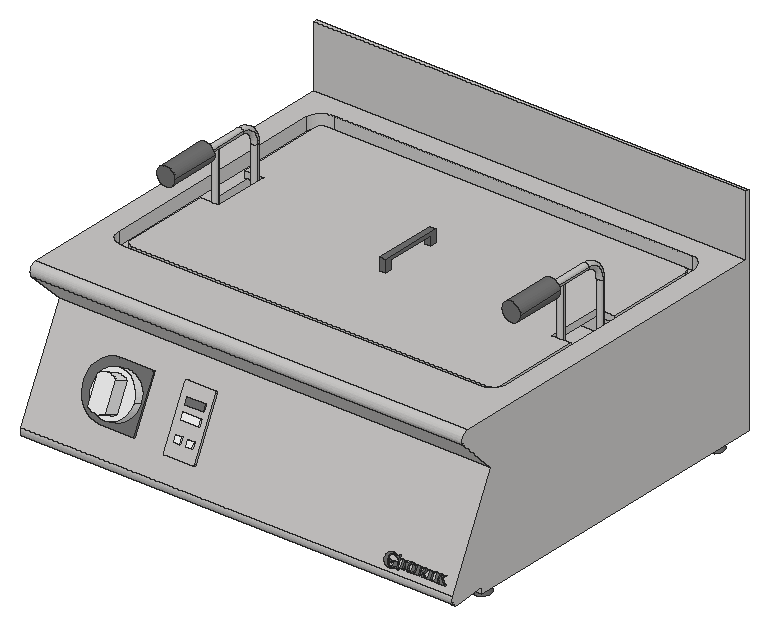
Revit family "QF_GIORIK_PFE1813", category Specialty Equipment, Revit 2014
Parameters (values of type "PFE1813")
  Weight in Pounds = 68.3432
  Watts = 6800 W
  Volts = 230 V
  URL Cutsheet = "www.giorik.com"
  URL = "www.giorik.com"
  Status [instance] = ""
  Specification by User [instance] = ""
  Specification by Manufacturer = ""
  Show Logo [instance] = yes
  Show Clearance [instance] = yes
  Serial Number = ""
  Seismic Rating = ""
  SMACNA No = ""
  Revision Code [instance] = ""
  Phase = 3
  Number of Poles [instance] = 3
  NAFEM Spec ID Number = ""
  Model = "PFE1813"
  Min Ckt Ampacity = 0 A
  Max Overcurrent Protection = 0 A
  Masterspec = ""
  Manufacturer = "GIORIK"
  Item Number [instance] = ""
  Installed By [instance] = ""
  Identify Quantity as Lot [instance] = no
  HP = "9.118936000000"
  Furnished By [instance] = ""
  Foodservice Equipment Identifier [instance] = yes
  FL Amps = 0 A
  Electrical Remarks [instance] = ""
  Electric Connection Type [instance] = ""
  Elec Conn RI Height [instance] = 0 mm
  Elec Conn Connection Height [instance] = 0 mm
  Description = "COUNTER FRYER 21 LT"
  Cycle = 50 Hz
  Conn Plug = ""
  CSI MasterFormat = ""
  Assembly Code = "E1090320"
  Apparent Power = 6800 VA
Reference planes
  plane 1 "Back": y = 0
  plane 2: z = 0
  plane 3 "Left": x = 0
  plane 4 "Right": x = 700
  plane 5 "Front": y = -600
  plane 6 "Top": z = 269.988
Forms (mm)
  Extrusion 1, solid, visible <- "Show Logo"
    sketch origin (491.604, -616.761, 9.486) x (-1, 0, 0) y (0, 0.452718, 0.891654)
      loop
        line (-118.824, 58.358) -> (-127.804, 58.358) -> (-125.523, 56.445) -> (-125.523, 48.027) -> (-127.804, 46.113) -> (-118.824, 46.113) -> (-121.105, 48.027) -> (-121.105, 56.445) -> (-118.824, 58.358)
      loop
        line (-163.721, 58.358) -> (-172.7, 58.358) -> (-170.42, 56.445) -> (-170.42, 48.027) -> (-172.7, 46.113) -> (-163.721, 46.113) -> (-166.001, 48.027) -> (-166.001, 56.445) -> (-163.721, 58.358)
      loop
        line (-174.332, 58.358) -> (-183.312, 58.358) -> (-181.031, 56.445) -> (-181.031, 52.435) -> (-186.419, 56.955) -> (-184.416, 58.358) -> (-191.268, 58.358) -> (-188.01, 56.839) -> (-185.455, 54.283) -> (-190.846, 47.858) -> (-193.396, 46.93) -> (-193.396, 46.113) -> (-184.416, 46.113) -> (-185.437, 47.571) -> (-182.443, 51.552) -> (-181.031, 50.894) -> (-181.031, 48.027) -> (-183.312, 46.113) -> (-174.332, 46.113) -> (-176.613, 48.027) -> (-176.613, 56.445) -> (-174.332, 58.358)
      loop
        line (-115.429, 62.063) -> (-115.429, 54.198)
        arc (-115.429, 54.198) -> (-111.618, 57.803) -> (-106.847, 59.986) r 16.039
        arc (-106.847, 59.986) -> (-103.314, 59.837) -> (-100.512, 57.68) r 5.851
        arc (-100.512, 57.68) -> (-98.815, 52.267) -> (-100.512, 46.853) r 9.479
        arc (-100.512, 46.853) -> (-102.406, 44.986) -> (-104.846, 43.93) r 7.236
        arc (-104.846, 43.93) -> (-107.728, 44.111) -> (-110.052, 45.825) r 5.11
        line (-110.052, 45.825) -> (-110.052, 52.001) -> (-116.141, 52.001) -> (-116.141, 45.503) -> (-117.893, 43.751) -> (-114.094, 44.769)
        arc (-114.094, 44.769) -> (-112.56, 44.947) -> (-111.129, 44.366) r 3.115
        arc (-111.129, 44.366) -> (-104.216, 42.091) -> (-97.303, 44.366) r 11.641
        arc (-97.303, 44.366) -> (-93.396, 52.107) -> (-97.303, 59.849) r 9.622
        arc (-97.303, 59.849) -> (-104.369, 62.174) -> (-111.435, 59.849) r 11.898
        line (-111.435, 59.849) -> (-115.429, 62.063)
      loop
        arc (-129.234, 56.068) -> (-135.893, 58.628) -> (-142.552, 56.068) r 9.941
        arc (-142.552, 56.068) -> (-144.234, 52.286) -> (-142.552, 48.505) r 5.093
        arc (-142.552, 48.505) -> (-135.893, 45.945) -> (-129.234, 48.505) r 9.941
        arc (-129.234, 48.505) -> (-127.552, 52.286) -> (-129.234, 56.068) r 5.093
      loop
        arc (-132.628, 54.403) -> (-135.893, 57.668) -> (-139.158, 54.403) r 3.265
        line (-139.158, 54.403) -> (-139.158, 50.169)
        arc (-139.158, 50.169) -> (-135.893, 46.904) -> (-132.628, 50.169) r 3.265
        line (-132.628, 50.169) -> (-132.628, 54.403)
      loop
        arc (-156.363, 58.365) -> (-159.647, 55.081) -> (-156.363, 51.796) r 3.285
        line (-156.363, 51.796) -> (-159.529, 47.306) -> (-162.087, 46.113) -> (-155.847, 46.113) -> (-153.529, 51.083) -> (-150.637, 51.083) -> (-150.637, 47.784) -> (-153.022, 46.113) -> (-144.011, 46.113) -> (-146.094, 47.68) -> (-146.094, 56.493) -> (-144.229, 58.365) -> (-156.363, 58.365)
      loop
        line (-150.637, 57.512) -> (-153.637, 57.512)
        arc (-153.637, 57.512) -> (-156.237, 54.912) -> (-153.637, 52.312) r 2.6
        line (-153.637, 52.312) -> (-150.637, 52.312) -> (-150.637, 57.512)
      loop
        line (-108.924, 52.001) -> (-104.936, 49.005) -> (-100.948, 52.001) -> (-108.924, 52.001)
    from 1.5 to -0.5
  Extrusion 2, solid
    sketch origin (0, 1120, -620) x (0, 1, 0) y (0, 0, 1)
      loop
        line (-1120, 989.988) -> (-1125, 989.988) -> (-1125, 889.988) -> (-1688.806, 889.988)
        arc (-1688.806, 889.988) -> (-1699.151, 883.075) -> (-1696.724, 870.873) r 11.197
        line (-1696.724, 870.873) -> (-1640.876, 815.025) -> (-1718.948, 661.258)
        arc (-1718.948, 661.258) -> (-1718.233, 650.105) -> (-1708.118, 645.354) r 10.981
        line (-1708.118, 645.354) -> (-1660, 649.925) -> (-1660, 640) -> (-1120, 640) -> (-1120, 989.988)
    from 0 to 700
  Extrusion 3, solid
    sketch origin (-293.221, -843.345, -547.637) x (1, 0, 0) y (0, 0.452718, 0.891654)
      loop
        line (463.221, 676.25) -> (463.221, 766.25) -> (409.698, 766.25)
        arc (409.698, 766.25) -> (364.698, 721.25) -> (409.698, 676.25) r 45
        line (409.698, 676.25) -> (463.221, 676.25)
    from 48 to 50
  Extrusion 4, solid
    sketch origin (481.331, -888.697, -525.041) x (-1, 0, 0) y (0, -0.45351, -0.891251)
      loop
        circle (351.331, -721.346) r 35
    from 0 to 15
  Extrusion 5, solid
    sketch origin (481.331, -888.697, -525.041) x (-1, 0, 0) y (0, -0.45351, -0.891251)
      loop
        arc (336.331, -743.846) -> (351.331, -748.846) -> (366.331, -743.846) r 25
        line (366.331, -743.846) -> (366.331, -698.846)
        arc (366.331, -698.846) -> (351.331, -693.846) -> (336.331, -698.846) r 25
        line (336.331, -698.846) -> (336.331, -743.846)
    from 15 to 40
  Extrusion 6, void
    sketch origin (0, 120, 219.988) x (0, 1, 0) y (-1, 0, 0)
      loop
        arc (-160, -60) -> (-167.322, -42.322) -> (-185, -35) r 25
        line (-185, -35) -> (-565.002, -35)
        arc (-565.002, -35) -> (-582.68, -42.322) -> (-590.002, -60) r 25
        line (-590.002, -60) -> (-590.002, -640)
        arc (-590.002, -640) -> (-582.68, -657.678) -> (-565.002, -665) r 25
        line (-565.002, -665) -> (-185, -665)
        arc (-185, -665) -> (-167.322, -657.678) -> (-160, -640) r 25
        line (-160, -640) -> (-160, -60)
    from -100 to 50
  Extrusion 7, solid
    sketch origin (0, 120, 300) x (0, 1, 0) y (-1, 0, 0)
      loop
        arc (-160, -60) -> (-167.322, -42.322) -> (-185, -35) r 25
        line (-185, -35) -> (-565.002, -35)
        arc (-565.002, -35) -> (-582.68, -42.322) -> (-590.002, -60) r 25
        line (-590.002, -60) -> (-590.002, -640)
        arc (-590.002, -640) -> (-582.68, -657.678) -> (-565.002, -665) r 25
        line (-565.002, -665) -> (-185, -665)
        arc (-185, -665) -> (-167.322, -657.678) -> (-160, -640) r 25
        line (-160, -640) -> (-160, -60)
      loop
        arc (-180, -64.989) -> (-182.929, -57.918) -> (-190, -54.989) r 10
        line (-190, -54.989) -> (-555.002, -54.989)
        arc (-555.002, -54.989) -> (-562.073, -57.918) -> (-565.002, -64.989) r 10
        line (-565.002, -64.989) -> (-565.002, -635)
        arc (-565.002, -635) -> (-562.073, -642.071) -> (-555.002, -645) r 10
        line (-555.002, -645) -> (-190, -645)
        arc (-190, -645) -> (-182.929, -642.071) -> (-180, -635) r 10
        line (-180, -635) -> (-180, -64.989)
    from -180.012 to -50
  Extrusion 8, solid
    sketch origin (-305.187, -917.248, -584.889) x (1, 0, 0) y (0, 0.453086, 0.891467)
      loop
        arc (527.687, 837.056) -> (525.919, 836.323) -> (525.187, 834.556) r 2.5
        line (525.187, 834.556) -> (525.187, 739.556)
        arc (525.187, 739.556) -> (525.919, 737.788) -> (527.687, 737.056) r 2.5
        line (527.687, 737.056) -> (572.687, 737.056)
        arc (572.687, 737.056) -> (574.454, 737.788) -> (575.187, 739.556) r 2.5
        line (575.187, 739.556) -> (575.187, 834.556)
        arc (575.187, 834.556) -> (574.454, 836.323) -> (572.687, 837.056) r 2.5
        line (572.687, 837.056) -> (527.687, 837.056)
    from 0 to 2
  Extrusion 9, solid
    sketch origin (-303.229, -911.046, -572.686) x (1, 0, 0) y (0, 0.453086, 0.891467)
      loop
        line (533.229, 803.367) -> (533.229, 793.367) -> (563.229, 793.367) -> (563.229, 803.367) -> (533.229, 803.367)
    from 0 to 3
  Extrusion 10, solid
    sketch origin (-303.229, -913.311, -577.143) x (1, 0, 0) y (0, 0.453086, 0.891467)
      loop
        line (533.229, 758.367) -> (533.229, 748.367) -> (543.229, 748.367) -> (543.229, 758.367) -> (533.229, 758.367)
    from 0 to 3
  Extrusion 11, solid
    sketch origin (-303.229, -920.107, -590.515) x (1, 0, 0) y (0, 0.453086, 0.891467)
      loop
        line (533.229, 803.367) -> (533.229, 793.367) -> (563.229, 793.367) -> (563.229, 803.367) -> (533.229, 803.367)
    from 0 to 3
  Extrusion 12, solid
    sketch origin (-283.229, -913.311, -577.143) x (1, 0, 0) y (0, 0.453086, 0.891467)
      loop
        line (533.229, 758.367) -> (533.229, 748.367) -> (543.229, 748.367) -> (543.229, 758.367) -> (533.229, 758.367)
    from 0 to 3
  Sweep 13, solid
    path origin (69.989, -52.501, -880) x (0, 1, 0) y (0, 0, 1)
      loop
        line (-160, 999.988) -> (-160, 1189.988)
        arc (-160, 1189.988) -> (-168.787, 1211.201) -> (-190, 1219.988) r 30
        line (-190, 1219.988) -> (-260, 1219.988)
    profile origin (69.989, -212.501, 214.988) x (0, -1, 0) y (1, 0, 0)
      loop
        circle (0, 0) r 5
  Extrusion 14, solid
    sketch origin (69.989, -50.001, 270) x (0, 1, 0) y (-1, 0, 0)
      loop
        circle (-242.47, 0) r 5
    from -150.012 to 70
  Sweep 15, solid
    path origin (630, -52.501, -880) x (0, 1, 0) y (0, 0, 1)
      loop
        line (-160, 999.988) -> (-160, 1189.988)
        arc (-160, 1189.988) -> (-168.787, 1211.201) -> (-190, 1219.988) r 30
        line (-190, 1219.988) -> (-260, 1219.988)
    profile origin (630, -212.501, 214.988) x (0, -1, 0) y (1, 0, 0)
      loop
        circle (0, 0) r 5
  Extrusion 16, solid
    sketch origin (630, -50.001, 270) x (0, 1, 0) y (-1, 0, 0)
      loop
        circle (-242.47, 0) r 5
    from -150.012 to 70
  Extrusion 17, solid
    sketch origin (0, 0, 270) x (0, 1, 0) y (-1, 0, 0)
      loop
        arc (-55, -60) -> (-57.929, -52.929) -> (-65, -50) r 10
        line (-65, -50) -> (-207.501, -50) -> (-207.501, -80) -> (-297.501, -80) -> (-297.501, -50) -> (-440, -50)
        arc (-440, -50) -> (-447.071, -52.929) -> (-450, -60) r 10
        line (-450, -60) -> (-450, -640)
        arc (-450, -640) -> (-447.071, -647.071) -> (-440, -650) r 10
        line (-440, -650) -> (-297.501, -650) -> (-297.501, -620) -> (-207.501, -620) -> (-207.501, -650) -> (-65, -650)
        arc (-65, -650) -> (-57.929, -647.071) -> (-55, -640) r 10
        line (-55, -640) -> (-55, -60)
    from -20 to -10
  Extrusion 18, solid
    sketch origin (325, 40, -880) x (0, 1, 0) y (0, 0, 1)
      loop
        line (-252.5, 1140) -> (-242.5, 1140) -> (-242.5, 1160) -> (-342.5, 1160) -> (-342.5, 1140) -> (-332.5, 1140) -> (-332.5, 1155) -> (-252.5, 1155) -> (-252.5, 1140)
    from 20 to 30
  Extrusion 19, solid
    sketch origin (0, -312.501, -880) x (1, 0, 0) y (0, 0, 1)
      loop
        circle (69.989, 1220) r 15
    from 0 to 80
  Extrusion 20, solid
    sketch origin (560.011, -312.501, -880) x (1, 0, 0) y (0, 0, 1)
      loop
        circle (69.989, 1220) r 15
    from 0 to 80
  Extrusion 21, solid
    sketch origin (-112, -256, -25) x (0, 1, 0) y (-1, 0, 0)
      loop
        circle (-129, -162) r 12.5
    from 30 to 45
  Extrusion 22, solid
    sketch origin (543.603, 45.293, -30) x (0, 1, 0) y (-1, 0, 0)
      loop
        circle (-79.293, 516.603) r 5
    from 41.965 to 50
  Revolve 23, solid
    sketch origin (27, 49.943, -600) x (0, 1, 0) y (0, 0, 1)
      loop
        line (-83.943, 611.965) -> (-94.752, 611.965) -> (-97.943, 600) -> (-83.943, 600) -> (-83.943, 611.965)
      axis (-83.943, 611.965) -> (-83.943, 600)
    angle from 0 to 360
  Extrusion 24, solid
    sketch origin (156.397, 45.293, -30) x (0, 1, 0) y (-1, 0, 0)
      loop
        circle (-79.293, -516.603) r 5
    from 41.965 to 50
  Revolve 25, solid
    sketch origin (673, 49.943, -600) x (0, 1, 0) y (0, 0, -1)
      loop
        line (-83.943, -611.965) -> (-83.943, -600) -> (-97.943, -600) -> (-94.752, -611.965) -> (-83.943, -611.965)
      axis (-83.943, -611.965) -> (-83.943, -600)
    angle from 0 to 360
  Extrusion 26, solid
    sketch origin (543.603, -426.707, -30) x (0, 1, 0) y (-1, 0, 0)
      loop
        circle (-79.293, 516.603) r 5
    from 41.965 to 50
  Revolve 27, solid
    sketch origin (27, -422.057, -600) x (0, 1, 0) y (0, 0, 1)
      loop
        line (-83.943, 611.965) -> (-94.752, 611.965) -> (-97.943, 600) -> (-83.943, 600) -> (-83.943, 611.965)
      axis (-83.943, 611.965) -> (-83.943, 600)
    angle from 0 to 360
  Extrusion 28, solid
    sketch origin (156.397, -426.707, -30) x (0, 1, 0) y (-1, 0, 0)
      loop
        circle (-79.293, -516.603) r 5
    from 41.965 to 50
  Revolve 29, solid
    sketch origin (673, -422.057, -600) x (0, 1, 0) y (0, 0, -1)
      loop
        line (-83.943, -611.965) -> (-83.943, -600) -> (-97.943, -600) -> (-94.752, -611.965) -> (-83.943, -611.965)
      axis (-83.943, -611.965) -> (-83.943, -600)
    angle from 0 to 360
Cuts and joins
  Extrusion 6 cuts Extrusion 2
Lines and regions (mm)
  symbolic lines, style "200-EquipBorder-2D"
    curve 1: line (0, -600, 0) -> (700, -600, 0)
    curve 2: line (700, -600, 0) -> (700, 0, 0)
    curve 3: line (700, 0, 0) -> (0, 0, 0)
    curve 4: line (0, 0, 0) -> (0, -600, 0)
    curve 49: line (115, -607.413, 269.988) -> (115, -600, 269.988)
    curve 50: line (145, -607.413, 269.988) -> (145, -600, 269.988)
    curve 51: arc (115, -607.413, 269.988) -> (130, -609.907, 269.988) -> (145, -607.413, 269.988) r 46.357
  symbolic lines, style "200-EquipInternal-2D"
    curve 5: line (640, -40, 269.988) -> (60, -40, 269.988)
    curve 6: arc (60, -40, 269.988) -> (42.322, -47.322, 269.988) -> (35, -65, 269.988) r 25
    curve 7: line (35, -65, 269.988) -> (35, -445, 269.988)
    curve 8: arc (665, -65, 269.988) -> (657.678, -47.322, 269.988) -> (640, -40, 269.988) r 25
    curve 9: line (60, -470, 269.988) -> (640.318, -470, 269.988)
    curve 10: arc (35, -445, 269.988) -> (42.322, -462.678, 269.988) -> (60, -470, 269.988) r 25
    curve 11: line (665, -445.002, 269.988) -> (665, -65, 269.988)
    curve 12: line (0, -5, 269.988) -> (700, -5, 269.988)
    curve 13: line (50, -65, 269.988) -> (50, -207.501, 269.988)
    curve 14: line (80, -207.501, 269.988) -> (80, -297.501, 269.988)
    curve 15: line (50, -207.501, 269.988) -> (80, -207.501, 269.988)
    curve 16: line (64.989, -297.501, 269.988) -> (50, -297.501, 269.988)
    curve 17: line (50, -297.501, 269.988) -> (50, -440, 269.988)
    curve 18: line (60, -450, 269.988) -> (640, -450, 269.988)
    curve 19: line (640, -55, 269.988) -> (60, -55, 269.988)
    curve 20: line (650, -207.501, 269.988) -> (650, -65, 269.988)
    curve 21: line (650, -440, 269.988) -> (650, -297.501, 269.988)
    curve 22: line (620, -297.501, 269.988) -> (620, -207.501, 269.988)
    curve 23: line (620, -207.501, 269.988) -> (650, -207.501, 269.988)
    curve 24: line (650, -297.501, 269.988) -> (635, -297.501, 269.988)
    curve 25: line (54.989, -207.501, 269.988) -> (54.989, -297.501, 269.988)
    curve 26: line (645, -207.501, 269.988) -> (645, -297.501, 269.988)
    curve 27: line (54.989, -312.501, 269.988) -> (54.989, -392.501, 269.988)
    curve 28: line (54.989, -392.501, 269.988) -> (84.989, -392.501, 269.988)
    curve 29: line (84.989, -392.501, 269.988) -> (84.989, -312.501, 269.988)
    curve 30: line (84.989, -312.501, 269.988) -> (74.989, -312.501, 269.988)
    curve 31: line (74.989, -312.501, 269.988) -> (74.989, -212.501, 269.988)
    curve 32: line (54.989, -312.501, 269.988) -> (64.989, -312.501, 269.988)
    curve 33: line (64.989, -312.501, 269.988) -> (64.989, -212.501, 269.988)
    curve 34: line (74.989, -297.501, 269.988) -> (80, -297.501, 269.988)
    curve 35: arc (64.989, -212.501, 269.988) -> (69.989, -207.501, 269.988) -> (74.989, -212.501, 269.988) r 5
    curve 36: line (355, -202.5, 269.988) -> (345, -202.5, 269.988)
    curve 37: line (355, -302.5, 269.988) -> (355, -202.5, 269.988)
    curve 38: line (345, -202.5, 269.988) -> (345, -302.5, 269.988)
    curve 39: line (345, -302.5, 269.988) -> (355, -302.5, 269.988)
    curve 40: line (620, -297.501, 269.988) -> (625, -297.501, 269.988)
    curve 41: line (645, -392.501, 269.988) -> (615, -392.501, 269.988)
    curve 42: line (615, -392.501, 269.988) -> (615, -312.501, 269.988)
    curve 43: line (615, -312.501, 269.988) -> (625, -312.501, 269.988)
    curve 44: line (625, -312.501, 269.988) -> (625, -212.501, 269.988)
    curve 45: line (635, -212.501, 269.988) -> (635, -312.501, 269.988)
    curve 46: line (635, -312.501, 269.988) -> (645, -312.501, 269.988)
    curve 47: line (645, -312.501, 269.988) -> (645, -392.501, 269.988)
    curve 48: arc (625, -212.501, 269.988) -> (630, -207.501, 269.988) -> (635, -212.501, 269.988) r 5
    curve 52: arc (60, -55, 269.988) -> (52.929, -57.929, 269.988) -> (50, -65, 269.988) r 10
    curve 53: arc (650, -65, 269.988) -> (647.071, -57.929, 269.988) -> (640, -55, 269.988) r 10
    curve 54: arc (640, -450, 269.988) -> (647.071, -447.071, 269.988) -> (650, -440, 269.988) r 10
    curve 55: arc (640.318, -470, 269.988) -> (657.79, -462.567, 269.988) -> (665, -445.002, 269.988) r 25
    curve 56: arc (50, -440, 269.988) -> (52.929, -447.071, 269.988) -> (60, -450, 269.988) r 10
Dimensions and locks
  plane 3 "Left" to plane 4 "Right" = 700 mm
  plane 5 "Front" to plane 1 "Back" = 600 mm
  plane 4 "Right" to plane 3 "Left" = 700 mm
  plane 1 "Back" to plane 5 "Front" = 600 mm
  plane 6 "Top" to level = 269.988 mm  (x2)
  aligned and locked: level to plane 2
Connectors
  electrical at (50, -385, 5), driven by "Apparent Power", driven by "Volts", driven by "Number of Poles"
    settings: on Extrusion 21, index 2, voltage 230 V, apparent load 0 VA, apparent load phase1 6800 VA, apparent load phase2 0 VA, apparent load phase3 0 VA, power factor 1, load classification "Other", number of poles 3, system type 31, power factor state 1, is connector primary yes, connector utility no, sub classification motor no, connector description ""
